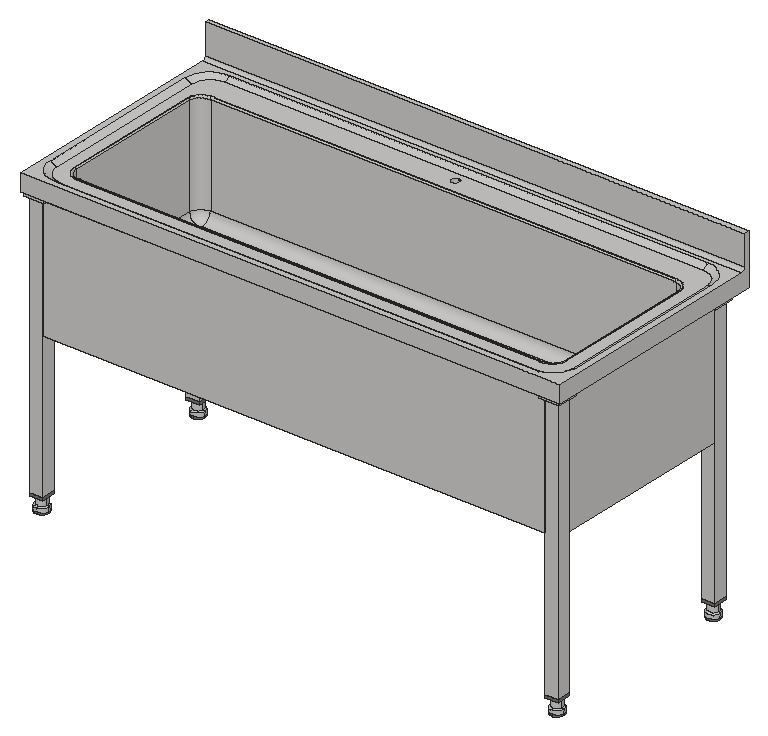
Revit family "QF_ELECTROLUXPROFESSIONAL_132912_SLP16N", category Attrezzature speciali, Revit 2020
Family settings
  Quota connettore circolare = Usa diametro
  Tipo di parte = Normale
  Basato su piano di lavoro = No
  Sempre verticale = Sì
  Taglio con vuoti quando caricato = No
  Condiviso = No
  Punto di calcolo locali = No
Parameters (values of type "Standard")
  Weight = 65.00 kg
  Watts = 0 W
  Volts = 0 V
  URL Manufacturer = "https://www.electroluxprofessional.com/"
  URL = "https://www.electroluxprofessional.com/"
  Steam Supply Size = 0 mm
  Steam Supply Minimum Pressure = 0.0 Pa
  Steam Supply Maximum Pressure = 0.0 Pa
  Steam Consumption per Hour = 0
  Refrigeration Suction Line Size = 0.0 mm
  Refrigeration Liquid Line Size = 0.0 mm
  Refrigerant Compressor Remote = yes
  Prospetto di default = 0.0 mm
  Phase = 0
  Modello = "SLP16N"
  Produttore = "Electrolux Professional"
  Length Actual = 1600.0 mm  # constant formula
  Item Number = "132912"
  Hot Water Size = 0 mm
  Height Actual = 900.0 mm  # constant formula
  HP = "0 HP"
  Gas Size = 0 mm
  Gas KW = 0
  Gas Input Pressure = 0 W
  Direct Waste Size = 139.7 mm
  Descrizione = "SOAKING SINK UNIT WITH 1 BOWL (1280X510X340MM), 1600MM"
  Depth Actual = 700.0 mm  # constant formula
  Cycle = 0 Hz
  Condensate Return Size = 0 mm
  Compressed Air Volume = 0.0 L/s
  Compressed Air Size = 0 mm
  Compressed Air Pressure = 0.0 Pa
  Cold Water Size = 0 mm
  Accessory = yes
Reference planes
  plane 1 "Center (Front/Back)": y = 0
  plane 2: z = 0
  plane 3 "Center (Left/Right)": x = 0
  plane 4 "LEFT": x = -800
  plane 5 "RIGHT": x = 800
  plane 6 "BACK": y = 350
  plane 7 "FRONT": y = -350
  plane 8 "Base": z = 850
  plane 9 "TOP": z = 900
  plane 10 "Sink_Base": z = 558
  plane 11: z = 441
  plane 12 "PlaneGrid": z = 890
  plane 13 "ScaricoY": y = 141
  plane 14: x = 650
Forms (mm)
  Extrusion 1, solid, material "QF_Finishes_Stainless Steel"
    sketch origin (0, 0, 0) x (0, 1, 0) y (0, 0, 1)
      loop
        line (-350, 850) -> (350, 850) -> (350, 1000) -> (337, 1000) -> (337, 910)
        arc (337, 910) -> (334.071, 902.929) -> (327, 900) r 10
        line (327, 900) -> (-350, 900) -> (-350, 850)
    from 800 to -800
  Extrusion 2, void
    sketch origin (50, 9, 558) x (0, -1, 0) y (1, 0, 0)
      loop
        circle (-132, 600) r 28
    from 32.343 to -63.145
  Revolve 3, solid, material "QF_Finishes_White"
    sketch origin (650, 9, 0) x (0, -1, 0) y (0, 0, 1)
      loop
        line (-148.5, 542.617) -> (-148.5, 528.5) -> (-147, 528.5) -> (-147, 543.449) -> (-158.558, 550.671) -> (-158.558, 558) -> (-160.058, 558) -> (-160.058, 549.84) -> (-148.5, 542.617)
      axis (-132, 558) -> (-132, 528.5)
    angle from 0 to 360
  Extrusion 4, void
    sketch origin (-6.5, 18.8, 558) x (0, -1, 0) y (1, 0, 0)
      loop
        circle (-245, 6.5) r 11.5
    from 342 to 275.381
  Extrusion 5, void
    sketch origin (-5, 0, 900) x (0, 1, 0) y (-1, 0, 0)
      loop
        arc (-277.556, -695) -> (-265.84, -723.284) -> (-237.556, -735) r 40
        line (-237.556, -735) -> (182.444, -735)
        arc (182.444, -735) -> (210.729, -723.284) -> (222.444, -695) r 40
        line (222.444, -695) -> (222.444, 684.878)
        arc (222.444, 684.878) -> (210.729, 713.162) -> (182.444, 724.878) r 40
        line (182.444, 724.878) -> (-237.556, 724.878)
        arc (-237.556, 724.878) -> (-265.84, 713.162) -> (-277.556, 684.878) r 40
        line (-277.556, 684.878) -> (-277.556, -695)
    from 0 to -50
  Extrusion 6, solid, material "QF_Finishes_Stainless Steel"
    sketch origin (-5, 0, 558) x (0, -1, 0) y (1, 0, 0)
      loop
        line (242.556, -684.878) -> (242.556, 695)
        arc (242.556, 695) -> (241.091, 698.536) -> (237.556, 700) r 5
        line (237.556, 700) -> (-182.444, 700)
        arc (-182.444, 700) -> (-185.98, 698.536) -> (-187.444, 695) r 5
        line (-187.444, 695) -> (-187.444, -684.878)
        arc (-187.444, -684.878) -> (-185.98, -688.414) -> (-182.444, -689.878) r 5
        line (-182.444, -689.878) -> (237.556, -689.878)
        arc (237.556, -689.878) -> (241.091, -688.414) -> (242.556, -684.878) r 5
    from 0 to 1.5
  Sweep 7, solid, material "QF_Finishes_Stainless Steel"
    path origin (-4.99, -1.992, 900) x (0, 1, 0) y (-1, 0, 0)
      loop
        line (224.437, -694.99) -> (224.437, 684.888)
        arc (224.437, 684.888) -> (212.721, 713.172) -> (184.437, 724.888) r 40
        line (184.437, 724.888) -> (-235.563, 724.888)
        arc (-235.563, 724.888) -> (-263.848, 713.172) -> (-275.563, 684.888) r 40
        line (-275.563, 684.888) -> (-275.563, -694.99)
        arc (-275.563, -694.99) -> (-263.848, -723.274) -> (-235.563, -734.99) r 40
        line (-235.563, -734.99) -> (184.437, -734.99)
        arc (184.437, -734.99) -> (212.721, -723.274) -> (224.437, -694.99) r 40
    profile origin (0.061, 222.444, 900) x (0, -1, 0) y (0, 0, 1)
      loop
        arc (5, -15) -> (3.536, -11.464) -> (0, -10) r 5
        line (0, -10) -> (0, -11.5)
        arc (0, -11.5) -> (2.475, -12.525) -> (3.5, -15) r 3.5
        line (3.5, -15) -> (3.5, -310.5)
        arc (3.5, -310.5) -> (12.726, -332.774) -> (35, -342) r 31.5
        line (35, -342) -> (35, -340.5)
        arc (35, -340.5) -> (13.787, -331.713) -> (5, -310.5) r 30
        line (5, -310.5) -> (5, -15)
  Blend 8, void
    base sketch origin (-4.99, 0, 900) x (0, 1, 0) y (-1, 0, 0)
      loop
        arc (312.89, 705.01) -> (291.541, 756.551) -> (240, 777.9) r 72.89
        line (240, 777.9) -> (-260, 777.9)
        arc (-260, 777.9) -> (-311.541, 756.551) -> (-332.89, 705.01) r 72.89
        line (-332.89, 705.01) -> (-332.89, -714.99)
        arc (-332.89, -714.99) -> (-311.541, -766.531) -> (-260, -787.88) r 72.89
        line (-260, -787.88) -> (240, -787.88)
        arc (240, -787.88) -> (291.541, -766.531) -> (312.89, -714.99) r 72.89
        line (312.89, -714.99) -> (312.89, 705.01)
    top sketch origin (-4.99, 0, 900) x (0, 1, 0) y (-1, 0, 0)
      loop
        arc (294.457, 705.01) -> (278.507, 743.517) -> (240, 759.467) r 54.457
        line (240, 759.467) -> (-260, 759.467)
        arc (-260, 759.467) -> (-298.507, 743.517) -> (-314.457, 705.01) r 54.457
        line (-314.457, 705.01) -> (-314.457, -714.99)
        arc (-314.457, -714.99) -> (-298.507, -753.497) -> (-260, -769.447) r 54.457
        line (-260, -769.447) -> (240, -769.447)
        arc (240, -769.447) -> (278.507, -753.497) -> (294.457, -714.99) r 54.457
        line (294.457, -714.99) -> (294.457, 705.01)
    from 0 to -10
Cuts and joins
  Extrusion 4, Extrusion 5, Blend 8 cuts Extrusion 1
  Extrusion 2 cuts Extrusion 6
  joined: Extrusion 6, Sweep 7
Lines and regions (mm)
  symbolic lines
    curve 1: line (800, 350, 900) -> (-800, 350, 900)
    curve 2: line (-800, 350, 900) -> (-800, -350, 900)
    curve 3: line (-800, -350, 900) -> (800, -350, 900)
    curve 4: line (800, -350, 900) -> (800, 350, 900)
    curve 5: line (800, 337, 900) -> (-800, 337, 900)
    curve 6: arc (-782.89, 240, 900) -> (-761.541, 291.541, 900) -> (-710, 312.89, 900) r 72.89
    curve 7: line (-710, 312.89, 900) -> (710, 312.89, 900)
    curve 8: line (-782.89, -260, 900) -> (-782.89, 240, 900)
    curve 9: arc (-710, -332.89, 900) -> (-761.541, -311.541, 900) -> (-782.89, -260, 900) r 72.89
    curve 10: line (710, -332.89, 900) -> (-710, -332.89, 900)
    curve 11: line (-710, -314.457, 900) -> (710, -314.457, 900)
    curve 12: arc (-764.457, -260, 900) -> (-748.507, -298.507, 900) -> (-710, -314.457, 900) r 54.457
    curve 13: line (-764.457, 240, 900) -> (-764.457, -260, 900)
    curve 14: arc (-710, 294.457, 900) -> (-748.507, 278.507, 900) -> (-764.457, 240, 900) r 54.457
    curve 15: line (710, 294.457, 900) -> (-710, 294.457, 900)
    curve 16: arc (764.457, 240, 900) -> (748.507, 278.507, 900) -> (710, 294.457, 900) r 54.457
    curve 17: arc (710, 312.89, 900) -> (761.541, 291.541, 900) -> (782.89, 240, 900) r 72.89
    curve 18: line (782.89, 240, 900) -> (782.89, -260, 900)
    curve 19: line (764.457, -260, 900) -> (764.457, 240, 900)
    curve 20: arc (782.89, -260, 900) -> (761.541, -311.541, 900) -> (710, -332.89, 900) r 72.89
    curve 21: arc (710, -314.457, 900) -> (748.507, -298.507, 900) -> (764.457, -260, 900) r 54.457
    curve 22: circle (0, 263.8, 900) r 11.5 normal (0, 0, 1)
    curve 23: circle (650, 141, 900) r 28 normal (0, 0, 1)
    curve 24: circle (650, 141, 900) r 16.5 normal (0, 0, -1)
    curve 25: arc (-689.978, 222.444, 900) -> (-718.262, 210.729, 900) -> (-729.978, 182.444, 900) r 40
    curve 26: line (690, 222.444, 900) -> (-689.978, 222.444, 900)
    curve 27: line (-729.978, 182.444, 900) -> (-729.978, -237.556, 900)
    curve 28: arc (-729.978, -237.556, 900) -> (-718.262, -265.84, 900) -> (-689.978, -277.556, 900) r 40
    curve 29: line (-689.978, -277.556, 900) -> (690, -277.556, 900)
    curve 30: arc (690, -277.556, 900) -> (718.284, -265.84, 900) -> (730, -237.556, 900) r 40
    curve 31: line (730, -237.556, 900) -> (730, 182.444, 900)
    curve 32: arc (730, 182.444, 900) -> (718.284, 210.729, 900) -> (690, 222.444, 900) r 40
Dimensions and locks
  plane 4 "LEFT" to plane 5 "RIGHT" = 1600.0 mm
  equal spacing: plane 4 "LEFT", plane 3 "Center (Left/Right)", plane 5 "RIGHT"
  locked: plane 8 "Base" to level at 850
  locked: Extrusion 1 to level at 1000
  plane 9 "TOP" to level = 900.0 mm
  plane 6 "BACK" to plane 7 "FRONT" = 700.0 mm
  equal spacing: plane 6 "BACK", plane 1 "Center (Front/Back)", plane 7 "FRONT"
  plane 10 "Sink_Base" to level = 558.0 mm
  plane 11 to level = 441.0 mm
  locked: plane 6 "BACK" to plane 13 "ScaricoY" at 209
  plane 14 to plane 5 "RIGHT" = 150.0 mm
  aligned and locked: level to plane 2
  aligned and locked: Extrusion 1 to plane 4 "LEFT"
  aligned and locked: plane 5 "RIGHT" to Extrusion 1
  aligned and locked: curve 2 to plane 4 "LEFT"
Automatic sketch dimensions
  Extrusion 1 sketch curve to plane 7 "FRONT" = 0.0 mm
  Extrusion 1 sketch curve to plane 9 "TOP" = 0.0 mm
  Extrusion 1 sketch curve to plane 6 "BACK" = 0.0 mm
  Extrusion 1 sketch curve to plane 8 "Base" = 0.0 mm
  plane 9 "TOP" to Extrusion 1 sketch curve = 10.0 mm
  Extrusion 1 sketch curve to plane 6 "BACK" = 23.0 mm
  Extrusion 1 sketch curve to Extrusion 1 sketch curve = 90.0 mm
  Extrusion 2 sketch curve to plane 13 "ScaricoY" = 0.0 mm
  plane 10 "Sink_Base" to Revolve 3 sketch curve = 0.0 mm
  Revolve 3 sketch curve to plane 13 "ScaricoY" = 0.0 mm
  plane 13 "ScaricoY" to Revolve 3 sketch curve = 15.0 mm
  Revolve 3 sketch curve to Revolve 3 sketch curve = 1.5 mm  (x2)
  plane 10 "Sink_Base" to Revolve 3 sketch curve = 7.329 mm
  Revolve 3 sketch curve to Revolve 3 sketch curve = 10.058 mm
  Revolve 3 sketch curve to Revolve 3 sketch curve = 0.831 mm  (x2)
  Revolve 3 sketch curve to Revolve 3 sketch curve = 7.222 mm
  Revolve 3 sketch curve to Revolve 3 sketch curve = 14.117 mm
  Revolve 3 sketch curve to Revolve 3 sketch curve = 24.0 mm
  Revolve 3 sketch curve to plane 10 "Sink_Base" = 26.5 mm
  Extrusion 4 sketch curve to plane 3 "Center (Left/Right)" = 0.0 mm
  Sweep 7 sketch curve to Sweep 7 sketch curve = 0.0 mm  (x4)
  Sweep 7 sketch curve to profile plane = 0.0 mm
  Sweep 7 sketch curve to profile plane = 3.5 mm
  Sweep 7 sketch curve to Sweep 7 sketch curve = 1.5 mm
  Sweep 7 sketch curve to Sweep 7 sketch curve = 30.0 mm
  Sweep 7 sketch curve to profile plane = 342.0 mm
  Sweep 7 sketch curve to profile plane = 15.0 mm
  Blend 8 sketch curve to plane 6 "BACK" = 37.11 mm
  plane 4 "LEFT" to Blend 8 sketch curve = 90.0 mm  (x2)
  plane 7 "FRONT" to Blend 8 sketch curve = 90.0 mm  (x2)
  Blend 8 sketch curve to Blend 8 sketch curve = 72.89 mm  (x4)
  Blend 8 sketch curve to plane 5 "RIGHT" = 90.0 mm  (x2)
  Blend 8 sketch curve to Blend 8 sketch curve = 54.457 mm  (x2)
  plane 7 "FRONT" to Sweep 7 sketch curve = 112.444 mm
  Sweep 7 sketch curve to Sweep 7 sketch curve = 40.0 mm  (x3)
  plane 13 "ScaricoY" to Sweep 7 sketch curve = 41.444 mm  (x2)
  plane 4 "LEFT" to Sweep 7 sketch curve = 110.122 mm
  Extrusion 2 sketch curve to plane 5 "RIGHT" = 150.0 mm
  Sweep 7 sketch curve to plane 5 "RIGHT" = 110.0 mm
  Extrusion 4 sketch curve to plane 6 "BACK" = 86.2 mm
  plane 13 "ScaricoY" to Blend 8 sketch curve = 99.0 mm  (x2)
  plane 4 "LEFT" to Blend 8 sketch curve = 35.543 mm
  curve 6 to curve 14 = 0.0 mm  (x2)
  curve 9 to curve 12 = 0.0 mm  (x2)
  curve 16 to curve 17 = 0.0 mm  (x2)
  curve 20 to curve 21 = 0.0 mm
  curve 23 to curve 24 = 0.0 mm  (x2)
  curve 4 to plane 5 "RIGHT" = 0.0 mm
  curve 4 to plane 7 "FRONT" = 0.0 mm
  curve 24 to plane 13 "ScaricoY" = 0.0 mm
  curve 22 to plane 3 "Center (Left/Right)" = 0.0 mm
  curve 2 to plane 6 "BACK" = 0.0 mm
  curve 23 to plane 14 = 0.0 mm
  plane 7 "FRONT" to curve 10 = 17.11 mm
  curve 10 to curve 11 = 18.433 mm
  curve 22 to plane 6 "BACK" = 86.2 mm
  curve 18 to plane 5 "RIGHT" = 17.11 mm
  curve 5 to plane 6 "BACK" = 13.0 mm
  plane 4 "LEFT" to curve 8 = 17.11 mm
  curve 6 to curve 14 = 54.457 mm
  Extrusion 5 sketch curve to plane 14 = 40.0 mm  (x2)
  Extrusion 5 sketch curve to Extrusion 5 sketch curve = 40.0 mm  (x3)
  plane 13 "ScaricoY" to Extrusion 5 sketch curve = 41.444 mm
  plane 4 "LEFT" to Extrusion 5 sketch curve = 110.122 mm
  plane 7 "FRONT" to Extrusion 5 sketch curve = 112.444 mm
  curve 11 to curve 13 = 54.457 mm
  curve 18 to curve 5 = 97.0 mm
  plane 7 "FRONT" to Extrusion 6 sketch curve = 112.444 mm
  Extrusion 6 sketch curve to Extrusion 6 sketch curve = 5.0 mm  (x4)
  plane 4 "LEFT" to Extrusion 6 sketch curve = 110.122 mm
  plane 13 "ScaricoY" to Extrusion 6 sketch curve = 41.444 mm
  Extrusion 6 sketch curve to plane 14 = 40.0 mm
  plane 13 "ScaricoY" to curve 25 = 41.444 mm
  curve 26 to curve 6 = 17.556 mm
  curve 26 to curve 6 = 20.022 mm
  curve 16 to curve 26 = 20.0 mm
  curve 9 to curve 27 = 22.444 mm
  curve 28 to curve 9 = 20.022 mm
  curve 20 to curve 29 = 20.0 mm
  curve 20 to curve 30 = 22.444 mm
  plane 13 "ScaricoY" to curve 31 = 41.444 mm
  curve 29 to curve 21 = 17.556 mm
  radius of Extrusion 2 sketch curve = 28.0 mm
  radius of Extrusion 4 sketch curve = 11.5 mm
  radius of curve 22 = 11.5 mm
  radius of curve 23 = 28.0 mm
  radius of curve 24 = 16.5 mm
Nested families
  nested 1: "TAV_W1600_CASSH" at (-150, 0, 0), type "TAV_W1600_CASSH"
Connectors
  piping at (650, 141, 528.5), diameter 30
    settings: on Revolve 3, index 1, connector inside diameter 609.6 mm, connector length 0.0 mm, flow factor 0, pipe flow 0.0 L/s, pressure drop 0.0 Pa, fitting loss kfactor 0, connector angle 0.00°, fixture units 0, engagement length 0.0 mm, angle of deflection 0.00°, flow configuration 1, flow direction 2, fitting loss method 0, system type 16, joint type 0, gender type 0, connector reference index -1, connector utility 0, adjustable connector no, is connector primary yes, connector description "Drain 2"
Definition of nested family "TAV_W1600_CASSH"
  Parameters
    Default Elevation = 0.0 mm
    Model = "TAV_W1600_CASSH"
    Manufacturer = "Electrolux Professional"
    Description = ""
  Reference planes
    plane 1 "Center (Front/Back)": y = 0
    plane 2: z = 0
    plane 3 "Center (Left/Right)": x = 150
    plane 4 "LEFT": x = -650
    plane 5 "RIGHT": x = 950
    plane 6 "BACK": y = 350
    plane 7 "FRONT": y = -350
    plane 8 "Base": z = 850
    plane 9 "TOP": z = 900
    plane 10: x = -614.5
    plane 11: x = 914.5
    plane 12: y = 265.5
    plane 13: y = -314.5
    plane 14: x = -594.5
    plane 15: x = 894.5
    plane 16 "RIPIANO": z = 200
  Forms (mm)
    Extrusion 1, solid
      sketch origin (0, 0.5, 850) x (0, 1, 0) y (-1, 0, 0)
        loop
          line (245, 634.5) -> (-295, 634.5) -> (-295, 633) -> (245, 633) -> (245, 634.5)
        loop
          line (-295, -934.5) -> (285, -934.5) -> (285, -933) -> (-295, -933) -> (-295, -934.5)
        loop
          line (-335, 594.5) -> (-335, -894.5) -> (-333.5, -894.5) -> (-333.5, 594.5) -> (-335, 594.5)
      from -10 to -370
    Extrusion 2, solid
      sketch origin (-4.534, 0, 850) x (0, 1, 0) y (-1, 0, 0)
        loop
          line (235.5, 629.966) -> (-284.5, 629.966) -> (-284.5, 589.966) -> (235.5, 589.966) -> (235.5, 629.966)
        loop
          line (-334.506, 579.966) -> (-334.506, -889.034) -> (-294.506, -889.034) -> (-294.506, 579.966) -> (-334.506, 579.966)
        loop
          line (-284.5, -939.034) -> (235.5, -939.034) -> (235.5, -899.034) -> (-284.5, -899.034) -> (-284.5, -939.034)
        loop
          line (285.5, 579.966) -> (245.5, 579.966) -> (245.5, -889.034) -> (285.5, -889.034) -> (285.5, 579.966)
      from 0 to -10
  Lines and regions (mm)
    symbolic lines, detail levels coarse
      curve 1: line (-650, 350, 200) -> (950, 350, 200)
      curve 2: line (-650, -350, 200) -> (-650, 350, 200)
      curve 3: line (950, -350, 200) -> (-650, -350, 200)
      curve 4: line (950, 350, 200) -> (950, -350, 200)
  Dimensions and locks
    plane 4 "LEFT" to plane 5 "RIGHT" = 1600.0 mm
    equal spacing: plane 4 "LEFT", plane 3 "Center (Left/Right)", plane 5 "RIGHT"
    locked: plane 8 "Base" to level at 850
    plane 4 "LEFT" to plane 10 = 35.5 mm
    plane 11 to plane 5 "RIGHT" = 35.5 mm
    plane 10 to plane 11 = 1529.0 mm
    plane 9 "TOP" to level = 900.0 mm
    plane 6 "BACK" to plane 12 = 84.5 mm
    plane 13 to plane 7 "FRONT" = 35.5 mm
    plane 6 "BACK" to plane 7 "FRONT" = 700.0 mm
    plane 12 to plane 13 = 580.0 mm
    equal spacing: plane 6 "BACK", plane 1 "Center (Front/Back)", plane 7 "FRONT"
    locked: plane 14 to plane 4 "LEFT" at 55.5
    locked: plane 5 "RIGHT" to plane 15 at 55.5
    plane 16 "RIPIANO" to level = 200.0 mm
    plane 2 to plane 16 "RIPIANO" to plane 8 "Base" = 200.0 mm, 650.0 mm
    aligned and locked: level to plane 2
    aligned and locked: plane 10 to nested 1
    aligned and locked: nested 1 to plane 13
    aligned and locked: plane 11 to nested 2
    aligned and locked: nested 2 to plane 13
    aligned and locked: plane 11 to nested 4
    aligned and locked: nested 4 to plane 12
    aligned and locked: plane 10 to nested 3
    aligned and locked: nested 3 to plane 12
    aligned and locked: plane 14 to Extrusion 1 sketch curve
    aligned and locked: Extrusion 1 sketch curve to plane 15
    aligned and locked: Extrusion 1 to Extrusion 2
  Automatic sketch dimensions
    plane 7 "FRONT" to Extrusion 1 sketch curve = 15.5 mm
    plane 13 to Extrusion 1 sketch curve = 20.0 mm  (x2)
    plane 4 "LEFT" to Extrusion 1 sketch curve = 15.5 mm
    Extrusion 1 sketch curve to plane 5 "RIGHT" = 15.5 mm
    Extrusion 1 sketch curve to Extrusion 1 sketch curve = 1.5 mm  (x3)
    Extrusion 1 sketch curve to plane 6 "BACK" = 104.5 mm
    Extrusion 1 sketch curve to plane 6 "BACK" = 64.5 mm
    plane 15 to Extrusion 2 sketch curve = 10.0 mm  (x2)
    plane 7 "FRONT" to Extrusion 2 sketch curve = 15.494 mm
    plane 13 to Extrusion 2 sketch curve = 19.994 mm
    Extrusion 2 sketch curve to plane 5 "RIGHT" = 15.5 mm
    plane 13 to Extrusion 2 sketch curve = 30.0 mm  (x2)
    Extrusion 2 sketch curve to plane 14 = 0.0 mm
    Extrusion 2 sketch curve to plane 12 = 30.0 mm  (x2)
    Extrusion 2 sketch curve to plane 12 = 20.0 mm
    plane 12 to Extrusion 2 sketch curve = 20.0 mm
    Extrusion 2 sketch curve to plane 15 = 0.0 mm
    Extrusion 2 sketch curve to plane 14 = 10.0 mm  (x2)
    Extrusion 2 sketch curve to plane 10 = 20.0 mm
    curve 3 to plane 4 "LEFT" = 0.0 mm
    curve 3 to plane 7 "FRONT" = 0.0 mm
    curve 2 to plane 6 "BACK" = 0.0 mm
    curve 1 to plane 5 "RIGHT" = 0.0 mm
  Nested families
    nested 1: "FEET_40x40_TAV" at (-614.5, -314.5, 0), type "FEET_40x40_TAV"
    nested 2: "FEET_40x40_TAV" at (914.5, -314.5, 0), type "FEET_40x40_TAV"
    nested 3: "FEET_40x40_TAV" at (-614.5, 265.5, 0), type "FEET_40x40_TAV"
    nested 4: "FEET_40x40_TAV" at (914.5, 265.5, 0), type "FEET_40x40_TAV"
  Definition of nested family "FEET_40x40_TAV"
    Parameters
      Default Elevation = 0.0 mm
      FEET = 850.0 mm
    Reference planes
      plane 1 "Center (Front/Back)": y = 0
      plane 2: z = 0
      plane 3 "Center (Left/Right)": x = 0
      plane 4: z = 850
    Forms (mm)
      Extrusion 1, solid
        sketch origin (0, 0, 0) x (1, 0, 0) y (0, 1, 0)
          loop
            line (-20, -20) -> (20, -20) -> (20, 20) -> (-20, 20) -> (-20, -20)
        from 50 to 840
      Extrusion 2, solid
        sketch origin (0, 0, 0) x (1, 0, 0) y (0, 1, 0)
          loop
            circle (0, 0) r 20
        from 0 to 5
      Extrusion 3, solid
        sketch origin (0, 0, 0) x (1, 0, 0) y (0, 1, 0)
          loop
            line (30, 30) -> (-30, 30) -> (-30, -30) -> (30, -30) -> (30, 30)
        from 840 to 850
      Extrusion 4, solid
        sketch origin (0, 0, 0) x (1, 0, 0) y (0, 1, 0)
          loop
            line (-20, -20) -> (20, -20) -> (20, 20) -> (-20, 20) -> (-20, -20)
        from 50 to 42
      Revolve 5, solid
        sketch origin (0, 0, 0) x (1, 0, 0) y (0, 0, 1)
          loop
            line (0, 42) -> (-15, 42) -> (-15, 20) -> (-20, 15) -> (-20, 5) -> (0, 5) -> (0, 42)
          axis (0, 42) -> (0, 5)
        angle from 0 to 360
    Lines and regions (mm)
      symbolic lines
        curve 1: line (0, -1.503, 0) -> (0, 1.508, 0)
        curve 2: line (1.561, 0, 0) -> (-1.439, 0, 0)
    Dimensions and locks
      "FEET": plane 4 to plane 2
      aligned and locked: level to plane 2
    Automatic sketch dimensions
      plane 1 "Center (Front/Back)" to curve 2 = 0.0 mm
      curve 1 to plane 3 "Center (Left/Right)" = 0.0 mm
      curve 2 to plane 3 "Center (Left/Right)" = 1.439 mm
      plane 3 "Center (Left/Right)" to curve 2 = 1.561 mm
      plane 1 "Center (Front/Back)" to curve 1 = 1.503 mm
      curve 1 to plane 1 "Center (Front/Back)" = 1.508 mm
      Extrusion 1 sketch curve to plane 3 "Center (Left/Right)" = 20.0 mm
      plane 3 "Center (Left/Right)" to Extrusion 1 sketch curve = 20.0 mm
      plane 1 "Center (Front/Back)" to Extrusion 1 sketch curve = 20.0 mm
      Extrusion 1 sketch curve to plane 1 "Center (Front/Back)" = 20.0 mm
      plane 1 "Center (Front/Back)" to Extrusion 2 sketch curve = 0.0 mm
      Extrusion 2 sketch curve to plane 3 "Center (Left/Right)" = 0.0 mm
      Extrusion 3 sketch curve to plane 3 "Center (Left/Right)" = 30.0 mm
      plane 3 "Center (Left/Right)" to Extrusion 3 sketch curve = 30.0 mm
      plane 1 "Center (Front/Back)" to Extrusion 3 sketch curve = 30.0 mm
      Extrusion 3 sketch curve to plane 1 "Center (Front/Back)" = 30.0 mm
      Extrusion 4 sketch curve to plane 3 "Center (Left/Right)" = 20.0 mm
      plane 3 "Center (Left/Right)" to Extrusion 4 sketch curve = 20.0 mm
      plane 1 "Center (Front/Back)" to Extrusion 4 sketch curve = 20.0 mm
      Extrusion 4 sketch curve to plane 1 "Center (Front/Back)" = 20.0 mm
      Revolve 5 sketch curve to plane 3 "Center (Left/Right)" = 0.0 mm  (x2)
      Revolve 5 sketch curve to plane 3 "Center (Left/Right)" = 15.0 mm
      Revolve 5 sketch curve to Revolve 5 sketch curve = 5.0 mm  (x3)
      level to Revolve 5 sketch curve = 5.0 mm
      Revolve 5 sketch curve to Revolve 5 sketch curve = 10.0 mm
      Revolve 5 sketch curve to Revolve 5 sketch curve = 22.0 mm
      Revolve 5 sketch curve to level = 9.561 mm
      radius of Extrusion 2 sketch curve = 20.0 mm
